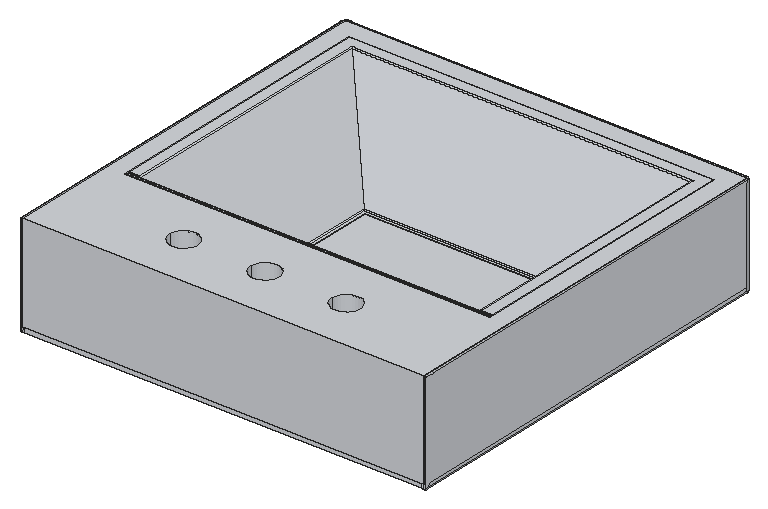
Revit family "M_Sink Bathroom Wall Hung_1", category 위생기구, Revit 2026
Family settings
  호스트 = 벽
  원형 커넥터 치수 = 지름 사용
  부품 유형 = 보통
  뷰에서 절단 사용 = 아니오
  항상 수직 = 예
  로드될 때 보이드를 사용하여 절단 = 아니오
  주석 방향 유지 = 아니오
  공유 = 아니오
  룸 계산 점 = 아니오
Parameters (values of type "400 x 500mm")
  기본 높이 = 0 mm
  Material = none
  제조업체 = "Revit"
  조합 코드 = "D2010440"
Reference planes
  plane 1: y = 0
  plane 2 "Center (Left/Right)": x = 125
  plane 3 "Back": y = 75
Text (mm)
  text "Placement side" at (-1787.139, 592.35, 0), in view "Ref. Level"
  text "Placement side" at (0, 1827.695, 2917.686), in view "Left"
  text "Placement side" at (0, 562.268, 3853.606), in view "Right"
Dimensions and locks
  locked: plane 3 "Back" to host wall at 0
  aligned and locked: host wall to plane 1
  aligned and locked: plane 3 "Back" to nested 1
Nested families
  nested 1: "Sink_1" at (125, 75, 630), type "400 x 500mm"
Definition of nested family "Sink_1"
  Parameters
    Default Elevation = 0 mm
    Material = none
    Manufacturer = "Revit"
    Assembly Code = "D2010440"
  Reference planes
    plane 1 "Center (Front/Back)": y = 0
    plane 2: z = 0
    plane 3 "Center (Left/Right)": x = 0
    plane 4: x = -134.49
    plane 5: x = -249.489
    plane 6: x = -224.489
  Forms (mm)
    Sweep 1, solid, material <- "Material"
      path origin (-125, -75, 0) x (1, 0, 0) y (0, 1, 0)
        loop
          line (-99.49, 210) -> (-99.49, 550) -> (349.489, 550) -> (349.489, 210)
      profile origin (0, 305, 0) x (-1, 0, 0) y (0, 0, 1)
        loop
          line (224.489, 115) -> (224.489, 120) -> (210.598, 120)
          arc (210.598, 120) -> (209.628, 119.749) -> (208.902, 119.06) r 2
          line (208.902, 119.06) -> (135.077, 0.94)
          arc (135.077, 0.94) -> (134.351, 0.251) -> (133.381, 0) r 2
          line (133.381, 0) -> (129.136, 0) -> (129.136, -5.042) -> (137.234, -5.042) -> (212.261, 115) -> (224.489, 115)
    Sweep 2, solid, material <- "Material"
      path origin (-125, -75, 0) x (1, 0, 0) y (0, 1, 0)
        loop
          line (-99.49, 205) -> (349.489, 205)
      profile origin (0, 0, 0) x (0, 1, 0) y (0, 0, 1)
        loop
          line (149.827, 1.749) -> (135.102, 118.251)
          arc (135.102, 118.251) -> (134.441, 119.5) -> (133.118, 120) r 2
          line (133.118, 120) -> (129.881, 120) -> (145.686, -5.042) -> (155.686, -5.042) -> (155.686, 0) -> (151.811, 0)
          arc (151.811, 0) -> (150.489, 0.5) -> (149.827, 1.749) r 2
    Extrusion 3, solid, material <- "Material"
      sketch origin (-125, -75, 0) x (1, 0, 0) y (0, 1, 0)
        loop
          arc (-119.49, 573) -> (-121.611, 572.121) -> (-122.49, 570) r 3
          line (-122.49, 570) -> (-122.49, 75) -> (372.489, 75) -> (372.489, 570)
          arc (372.489, 570) -> (371.611, 572.121) -> (369.489, 573) r 3
          line (369.489, 573) -> (-119.49, 573)
        loop
          circle (25.511, 139.361) r 17.5
        loop
          circle (125.511, 139.361) r 17.5
        loop
          circle (225.511, 139.361) r 17.5
        loop
          line (349.489, 550) -> (-99.49, 550) -> (-99.49, 205) -> (349.489, 205) -> (349.489, 550)
      from 0 to 120
    Sweep 4, solid, material <- "Material"
      path origin (-125, -75, 0) x (1, 0, 0) y (0, 1, 0)
        loop
          line (-124.49, 75) -> (-124.49, 570)
          arc (-124.49, 570) -> (-123.025, 573.536) -> (-119.49, 575) r 5
          line (-119.49, 575) -> (369.489, 575)
          arc (369.489, 575) -> (373.025, 573.536) -> (374.489, 570) r 5
          line (374.489, 570) -> (374.489, 75)
      profile origin (0, 247.5, 0) x (-1, 0, 0) y (0, 0, 1)
        loop
          line (247.49, 120) -> (247.49, -5) -> (248.49, -5)
          arc (248.49, -5) -> (249.197, -4.707) -> (249.49, -4) r 1
          line (249.49, -4) -> (249.49, 119)
          arc (249.49, 119) -> (249.197, 119.707) -> (248.49, 120) r 1
          line (248.49, 120) -> (247.49, 120)
    Extrusion 5, solid, material <- "Material"
      sketch origin (-125, -75, 0) x (1, 0, 0) y (0, 1, 0)
        loop
          arc (-124.49, 80) -> (-123.025, 76.464) -> (-119.49, 75) r 5
          line (-119.49, 75) -> (369.489, 75)
          arc (369.489, 75) -> (373.025, 76.464) -> (374.489, 80) r 5
          line (374.489, 80) -> (374.489, 570)
          arc (374.489, 570) -> (373.025, 573.536) -> (369.489, 575) r 5
          line (369.489, 575) -> (-119.49, 575)
          arc (-119.49, 575) -> (-123.025, 573.536) -> (-124.49, 570) r 5
          line (-124.49, 570) -> (-124.49, 80)
        loop
          circle (125.51, 275) r 23
      from -5.042 to 0
  Lines and regions (mm)
    symbolic lines
      curve 1: line (-244.489, 500, 0) -> (244.49, 500, 0)
      curve 2: arc (244.49, 500, 0) -> (248.025, 498.536, 0) -> (249.49, 495, 0) r 5
      curve 3: line (249.49, 495, 0) -> (249.49, 5, 0)
      curve 4: arc (249.49, 5, 0) -> (248.025, 1.464, 0) -> (244.49, 0, 0) r 5
      curve 5: line (244.49, 0, 0) -> (-244.489, 0, 0)
      curve 6: arc (-244.489, 0, 0) -> (-248.025, 1.464, 0) -> (-249.489, 5, 0) r 5
      curve 7: line (-249.489, 5, 0) -> (-249.489, 495, 0)
      curve 8: arc (-249.489, 495, 0) -> (-248.025, 498.536, 0) -> (-244.489, 500, 0) r 5
      curve 9: line (-219.489, 475, 0) -> (219.49, 475, 0)
      curve 10: arc (219.49, 475, 0) -> (223.025, 473.536, 0) -> (224.49, 470, 0) r 5
      curve 11: line (224.49, 470, 0) -> (224.49, 135, 0)
      curve 12: arc (224.49, 135, 0) -> (223.025, 131.464, 0) -> (219.49, 130, 0) r 5
      curve 13: line (219.49, 130, 0) -> (-219.489, 130, 0)
      curve 14: arc (-219.489, 130, 0) -> (-223.025, 131.464, 0) -> (-224.489, 135, 0) r 5
      curve 15: line (-224.489, 135, 0) -> (-224.489, 470, 0)
      curve 16: arc (-224.489, 470, 0) -> (-223.025, 473.536, 0) -> (-219.489, 475, 0) r 5
      curve 17: line (124.106, 150.048, 0) -> (-126.022, 150.048, 0)
      curve 18: line (-126.022, 150.048, 0) -> (-129.49, 150.048, 0)
      curve 19: arc (-129.49, 150.048, 0) -> (-133.025, 151.513, 0) -> (-134.49, 155.048, 0) r 5
      curve 20: line (-134.49, 155.048, 0) -> (-134.49, 380, 0)
      curve 21: arc (-134.49, 380, 0) -> (-133.025, 383.536, 0) -> (-129.49, 385, 0) r 5
      curve 22: line (-129.49, 385, 0) -> (130.511, 385, 0)
      curve 23: line (-219.489, 470, 0) -> (-137.619, 388.13, 0)
      curve 24: line (219.49, 470, 0) -> (137.185, 387.696, 0)
      curve 25: line (219.49, 135, 0) -> (139.819, 150.477, 0)
      curve 26: line (-219.489, 135, 0) -> (-139.472, 151.032, 0)
      curve 27: arc (23.511, 200, 0) -> (0.511, 177, 0) -> (-22.489, 200, 0) r 23
      curve 28: arc (-22.489, 200, 0) -> (0.511, 223, 0) -> (23.511, 200, 0) r 23
      curve 29: arc (-36.989, 200, 0) -> (0.511, 237.5, 0) -> (38.011, 200, 0) r 37.5
      curve 30: arc (38.011, 200, 0) -> (0.511, 162.5, 0) -> (-36.989, 200, 0) r 37.5
      curve 31: arc (-16.989, 64.361, 0) -> (0.511, 81.861, 0) -> (18.011, 64.361, 0) r 17.5
      curve 32: arc (18.011, 64.361, 0) -> (0.511, 46.861, 0) -> (-16.989, 64.361, 0) r 17.5
      curve 33: arc (83.011, 64.361, 0) -> (100.511, 81.861, 0) -> (118.011, 64.361, 0) r 17.5
      curve 34: arc (118.011, 64.361, 0) -> (100.511, 46.861, 0) -> (83.011, 64.361, 0) r 17.5
      curve 35: arc (-116.989, 64.361, 0) -> (-99.489, 81.861, 0) -> (-81.989, 64.361, 0) r 17.5
      curve 36: arc (-81.989, 64.361, 0) -> (-99.489, 46.861, 0) -> (-116.989, 64.361, 0) r 17.5
      curve 37: spline (-11.99, 136.838, 0) -> (-11.564, 137.639, 0) -> (-10.315, 138.385, 0) -> (-8.328, 139.026, 0) -> (-5.74, 139.518, 0) -> (-2.725, 139.827, 0) -> (0.51, 139.933, 0) -> (3.746, 139.827, 0) -> (6.76, 139.518, 0) -> (9.349, 139.026, 0) -> (11.336, 138.385, 0) -> (12.585, 137.639, 0) -> (13.01, 136.838, 0)
      curve 38: spline (-11.99, 136.838, 0) -> (-11.564, 136.036, 0) -> (-10.315, 135.29, 0) -> (-8.328, 134.649, 0) -> (-5.74, 134.157, 0) -> (-2.725, 133.848, 0) -> (0.51, 133.742, 0) -> (3.746, 133.848, 0) -> (6.76, 134.157, 0) -> (9.349, 134.649, 0) -> (11.336, 135.29, 0) -> (12.585, 136.036, 0) -> (13.01, 136.838, 0)
      curve 39: arc (130.511, 150.048, 0) -> (134.046, 151.513, 0) -> (135.511, 155.048, 0) r 5
      curve 40: line (135.511, 155.048, 0) -> (135.511, 380, 0)
      curve 41: arc (135.511, 380, 0) -> (134.046, 383.536, 0) -> (130.511, 385, 0) r 5
  Dimensions and locks
    locked: curve 1 to curve 5 at 500
    locked: curve 9 to curve 1 at 25
    locked: curve 13 to curve 5 at 130
    locked: curve 17 to curve 13 at 20.048
    locked: curve 22 to curve 17 at 234.952
    locked: curve 22 to curve 9 at 90
    curve 32 to curve 36 to curve 34 to curve 5 = 0 mm, 0 mm, 46.861 mm locked
    curve 27 to curve 30 to curve 17 = 14.5 mm locked, 12.452 mm locked
    locked: curve 38 to curve 13 at 3.742
